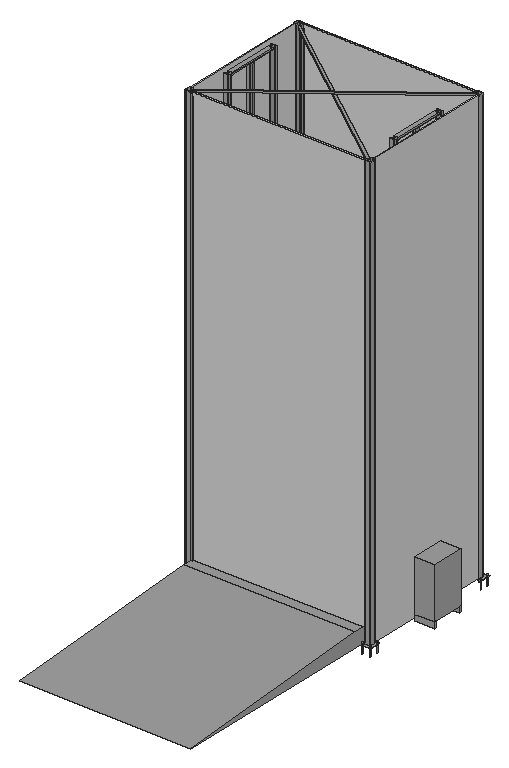
Revit family "1SE_Trez_TC_2C_T_2500_With_Ramp", category Specialty Equipment, Revit 2019
Family settings
  Round Connector Dimension = Use Diameter
  Part Type = Normal
  Work Plane-Based = No
  Always vertical = Yes
  Cut with Voids When Loaded = Yes
  Shared = No
  Room Calculation Point = No
Parameters (values of type "Platform-2300x2300mm with Door Height 2500mm")
  Safe Working Load = 2500.00 kg  # constant formula
  Safe Space = if(Cabin or Platform = Cabin, 900.0 mm, if(and(Cabin or Platform = Platform, Door Clear Height > 1900.0 mm), 600.0 mm, 0.0 mm))  # 600.0 mm
  Ramp Width = Tower Width - 250.0 mm  # 3000.0 mm
  Ramp Material = TREZ_Steel_Platform
  Platform = Speciality_Equipment_Trez_Platform : Platform
  Door Clear Width = Clear Width  # 2300.0 mm
  Door Clear Height = 2500.0 mm
  Clear Width = 2300.0 mm
  URL = "https://trez.bg/en/products/goods-only-lift-tc/tc-2ct-two-cylinders-and-tower/"
  Tower Width = Real Width + 2 * Clearance  # 3250.0 mm
  Tower Depth = Real Depth + 180.0 mm  # 2480.0 mm
  Tower Cladding Material = TREZ_Steel_Cladding
  Real Width = if(Clear Width < 1300.0 mm, 1300.0 mm, if(Clear Width > 2300.0 mm, 2300.0 mm, Clear Width))  # 2300.0 mm
  Real Depth = if(Clear Depth < 1300.0 mm, 1300.0 mm, if(Clear Depth > 2300.0 mm, 2300.0 mm, Clear Depth))  # 2300.0 mm
  Profiles Material = TREZ_Steel_Profiles
  Platform Material = TREZ_Steel_Platform
  Ramp Height = 250.0 mm  # constant formula
  Travel = 4500.0 mm
  Rail Height = Travel + Headroom  # 7600.0 mm
  Model = "TC 2C T 2500"
  Manufacturer = "TREZ Ltd."
  Headroom = Door Clear Height + Safe Space  # 3100.0 mm
  Description = "Trez Compact 2 Cylinders Tower. Goods only lift."  # constant formula
  Clear Depth = 2300.0 mm
  Created By URL = "https://all1studio.com/"
  Created By = "All 1 Studio Ltd."
  Clearance = 475.0 mm  # constant formula
  Cabin or Platform Back = yes
  Cabin or Platform = Speciality_Equipment_Trez_Platform : Platform
  Cabin = Speciality_Equipment_Trez_Cabin : Cabin
Reference planes
  plane 1 "Center (Front/Back)": y = 0
  plane 2: z = 0
  plane 3 "Center (Left/Right)": x = 0
  plane 4: x = -1150
  plane 5: x = 1150
  plane 6: y = 1150
  plane 7: y = -1150
  plane 8: x = 1625
  plane 9: y = 1260
  plane 10: x = -1625
  plane 11: y = -1220
  plane 12: x = 1570
  plane 13: x = -1570
  plane 14: y = 1205
  plane 15: y = -1165
  plane 16: z = 4500
  plane 17 "Top of Lift": z = 7600
  plane 18: x = -1578.5
  plane 19: x = 1578.5
  plane 20: x = 1835
  plane 21: x = -1609.032
  plane 22: x = -1591.032
  plane 23: y = 1244
  plane 24: y = 1226
  plane 25: x = 1609
  plane 26: x = 1591
  plane 27: y = -1204
  plane 28: y = -1186
  plane 29: x = -1685
  plane 30: y = 1320
  plane 31: x = 1685
  plane 32: y = -1280
  plane 33: x = -1438.5
  plane 34: x = 1438.5
  plane 35: z = 7540
  plane 36: z = 40
  plane 37: z = -145
  plane 38 "Ramp": z = 250
Forms (mm)
  Extrusion 1, solid, material "TREZ_Steel_Cladding" <- "Tower Cladding Material", detail levels coarse+medium
    sketch origin (0, 0, 0) x (1, 0, 0) y (0, 1, 0)
      loop
        line (-1625, 1260) -> (-1625, 1155) -> (-1609.032, 1155) -> (-1609.032, -1115) -> (-1625, -1115) -> (-1625, -1220) -> (-1520, -1220) -> (-1520, -1204) -> (1520, -1204) -> (1520, -1220) -> (1625, -1220) -> (1625, -1115) -> (1609, -1115) -> (1609, 1155) -> (1625, 1155) -> (1625, 1260) -> (1520, 1260) -> (1520, 1244) -> (-1520, 1244) -> (-1520, 1260) -> (-1625, 1260)
      loop
        line (-1570, 1205) -> (-1570, 1155) -> (-1591.032, 1155) -> (-1591.032, -1115) -> (-1570, -1115) -> (-1570, -1165) -> (-1520, -1165) -> (-1520, -1186) -> (1520, -1186) -> (1520, -1165) -> (1570, -1165) -> (1570, -1115) -> (1591, -1115) -> (1591, 1155) -> (1570, 1155) -> (1570, 1205) -> (1520, 1205) -> (1520, 1226) -> (-1520, 1226) -> (-1520, 1205) -> (-1570, 1205)
    from 0 to 7600
  Extrusion 2, solid, material "TREZ_Steel_Profiles" <- "Profiles Material", detail levels fine
    sketch origin (0, 0, 0) x (1, 0, 0) y (0, 1, 0)
      loop
        line (-1625, 1253) -> (-1625, 1162)
        arc (-1625, 1162) -> (-1622.95, 1157.05) -> (-1618, 1155) r 7
        line (-1618, 1155) -> (-1577, 1155)
        arc (-1577, 1155) -> (-1572.05, 1157.05) -> (-1570, 1162) r 7
        line (-1570, 1162) -> (-1570, 1198)
        arc (-1570, 1198) -> (-1567.95, 1202.95) -> (-1563, 1205) r 7
        line (-1563, 1205) -> (-1527, 1205)
        arc (-1527, 1205) -> (-1522.05, 1207.05) -> (-1520, 1212) r 7
        line (-1520, 1212) -> (-1520, 1253)
        arc (-1520, 1253) -> (-1522.05, 1257.95) -> (-1527, 1260) r 7
        line (-1527, 1260) -> (-1618, 1260)
        arc (-1618, 1260) -> (-1622.95, 1257.95) -> (-1625, 1253) r 7
      loop
        line (1618, 1260) -> (1527, 1260)
        arc (1527, 1260) -> (1522.05, 1257.95) -> (1520, 1253) r 7
        line (1520, 1253) -> (1520, 1212)
        arc (1520, 1212) -> (1522.05, 1207.05) -> (1527, 1205) r 7
        line (1527, 1205) -> (1563, 1205)
        arc (1563, 1205) -> (1567.95, 1202.95) -> (1570, 1198) r 7
        line (1570, 1198) -> (1570, 1162)
        arc (1570, 1162) -> (1572.05, 1157.05) -> (1577, 1155) r 7
        line (1577, 1155) -> (1618, 1155)
        arc (1618, 1155) -> (1622.95, 1157.05) -> (1625, 1162) r 7
        line (1625, 1162) -> (1625, 1253)
        arc (1625, 1253) -> (1622.95, 1257.95) -> (1618, 1260) r 7
      loop
        arc (-1625, -1213) -> (-1622.95, -1217.95) -> (-1618, -1220) r 7
        line (-1618, -1220) -> (-1527, -1220)
        arc (-1527, -1220) -> (-1522.05, -1217.95) -> (-1520, -1213) r 7
        line (-1520, -1213) -> (-1520, -1172)
        arc (-1520, -1172) -> (-1522.05, -1167.05) -> (-1527, -1165) r 7
        line (-1527, -1165) -> (-1563, -1165)
        arc (-1563, -1165) -> (-1567.95, -1162.95) -> (-1570, -1158) r 7
        line (-1570, -1158) -> (-1570, -1122)
        arc (-1570, -1122) -> (-1572.05, -1117.05) -> (-1577, -1115) r 7
        line (-1577, -1115) -> (-1618, -1115)
        arc (-1618, -1115) -> (-1622.95, -1117.05) -> (-1625, -1122) r 7
        line (-1625, -1122) -> (-1625, -1213)
      loop
        arc (1618, -1220) -> (1622.95, -1217.95) -> (1625, -1213) r 7
        line (1625, -1213) -> (1625, -1122)
        arc (1625, -1122) -> (1622.95, -1117.05) -> (1618, -1115) r 7
        line (1618, -1115) -> (1577, -1115)
        arc (1577, -1115) -> (1572.05, -1117.05) -> (1570, -1122) r 7
        line (1570, -1122) -> (1570, -1158)
        arc (1570, -1158) -> (1567.95, -1162.95) -> (1563, -1165) r 7
        line (1563, -1165) -> (1527, -1165)
        arc (1527, -1165) -> (1522.05, -1167.05) -> (1520, -1172) r 7
        line (1520, -1172) -> (1520, -1213)
        arc (1520, -1213) -> (1522.05, -1217.95) -> (1527, -1220) r 7
        line (1527, -1220) -> (1618, -1220)
      loop
        arc (-1523, 1253) -> (-1524.172, 1255.828) -> (-1527, 1257) r 4
        line (-1527, 1257) -> (-1618, 1257)
        arc (-1618, 1257) -> (-1620.828, 1255.828) -> (-1622, 1253) r 4
        line (-1622, 1253) -> (-1622, 1162)
        arc (-1622, 1162) -> (-1620.828, 1159.172) -> (-1618, 1158) r 4
        line (-1618, 1158) -> (-1577, 1158)
        arc (-1577, 1158) -> (-1574.172, 1159.172) -> (-1573, 1162) r 4
        line (-1573, 1162) -> (-1573, 1198)
        arc (-1573, 1198) -> (-1570.071, 1205.071) -> (-1563, 1208) r 10
        line (-1563, 1208) -> (-1527, 1208)
        arc (-1527, 1208) -> (-1524.172, 1209.172) -> (-1523, 1212) r 4
        line (-1523, 1212) -> (-1523, 1253)
      loop
        line (-1523, -1213) -> (-1523, -1172)
        arc (-1523, -1172) -> (-1524.172, -1169.172) -> (-1527, -1168) r 4
        line (-1527, -1168) -> (-1563, -1168)
        arc (-1563, -1168) -> (-1570.071, -1165.071) -> (-1573, -1158) r 10
        line (-1573, -1158) -> (-1573, -1122)
        arc (-1573, -1122) -> (-1574.172, -1119.172) -> (-1577, -1118) r 4
        line (-1577, -1118) -> (-1618, -1118)
        arc (-1618, -1118) -> (-1620.828, -1119.172) -> (-1622, -1122) r 4
        line (-1622, -1122) -> (-1622, -1213)
        arc (-1622, -1213) -> (-1620.828, -1215.828) -> (-1618, -1217) r 4
        line (-1618, -1217) -> (-1527, -1217)
        arc (-1527, -1217) -> (-1524.172, -1215.828) -> (-1523, -1213) r 4
      loop
        line (1622, -1213) -> (1622, -1122)
        arc (1622, -1122) -> (1620.828, -1119.172) -> (1618, -1118) r 4
        line (1618, -1118) -> (1577, -1118)
        arc (1577, -1118) -> (1574.172, -1119.172) -> (1573, -1122) r 4
        line (1573, -1122) -> (1573, -1158)
        arc (1573, -1158) -> (1570.071, -1165.071) -> (1563, -1168) r 10
        line (1563, -1168) -> (1527, -1168)
        arc (1527, -1168) -> (1524.172, -1169.172) -> (1523, -1172) r 4
        line (1523, -1172) -> (1523, -1213)
        arc (1523, -1213) -> (1524.172, -1215.828) -> (1527, -1217) r 4
        line (1527, -1217) -> (1618, -1217)
        arc (1618, -1217) -> (1620.828, -1215.828) -> (1622, -1213) r 4
      loop
        arc (1622, 1253) -> (1620.828, 1255.828) -> (1618, 1257) r 4
        line (1618, 1257) -> (1527, 1257)
        arc (1527, 1257) -> (1524.172, 1255.828) -> (1523, 1253) r 4
        line (1523, 1253) -> (1523, 1212)
        arc (1523, 1212) -> (1524.172, 1209.172) -> (1527, 1208) r 4
        line (1527, 1208) -> (1563, 1208)
        arc (1563, 1208) -> (1570.071, 1205.071) -> (1573, 1198) r 10
        line (1573, 1198) -> (1573, 1162)
        arc (1573, 1162) -> (1574.172, 1159.172) -> (1577, 1158) r 4
        line (1577, 1158) -> (1618, 1158)
        arc (1618, 1158) -> (1620.828, 1159.172) -> (1622, 1162) r 4
        line (1622, 1162) -> (1622, 1253)
    from 5 to 7600
  Extrusion 3, solid, material "TREZ_Steel_Cladding" <- "Tower Cladding Material", detail levels fine
    sketch origin (0, 0, 0) x (1, 0, 0) y (0, 1, 0)
      loop
        line (1609, 1155) -> (1591, 1155) -> (1591, -1115) -> (1609, -1115) -> (1609, 1155)
      loop
        line (1520, 1244) -> (-1520, 1244) -> (-1520, 1226) -> (1520, 1226) -> (1520, 1244)
      loop
        line (1520, -1186) -> (-1520, -1186) -> (-1520, -1204) -> (1520, -1204) -> (1520, -1186)
      loop
        line (-1591.032, -1115) -> (-1591.032, 1155) -> (-1609.032, 1155) -> (-1609.032, -1115) -> (-1591.032, -1115)
    from 0 to 7600
  Extrusion 4, solid, material "TREZ_Steel_Profiles" <- "Profiles Material", detail levels fine
    sketch origin (0, 0, 0) x (1, 0, 0) y (0, 1, 0)
      loop
        arc (1507, 1320) -> (1502.05, 1317.95) -> (1500, 1313) r 7
        line (1500, 1313) -> (1500, 1260) -> (1520, 1260) -> (1520, 1205) -> (1570, 1205) -> (1570, 1155) -> (1625, 1155) -> (1625, 1135) -> (1678, 1135)
        arc (1678, 1135) -> (1682.95, 1137.05) -> (1685, 1142) r 7
        line (1685, 1142) -> (1685, 1313)
        arc (1685, 1313) -> (1682.95, 1317.95) -> (1678, 1320) r 7
        line (1678, 1320) -> (1507, 1320)
      loop
        line (-1507, 1320) -> (-1678, 1320)
        arc (-1678, 1320) -> (-1682.95, 1317.95) -> (-1685, 1313) r 7
        line (-1685, 1313) -> (-1685, 1142)
        arc (-1685, 1142) -> (-1682.95, 1137.05) -> (-1678, 1135) r 7
        line (-1678, 1135) -> (-1625, 1135) -> (-1625, 1155) -> (-1570, 1155) -> (-1570, 1205) -> (-1520, 1205) -> (-1520, 1260) -> (-1500, 1260) -> (-1500, 1313)
        arc (-1500, 1313) -> (-1502.05, 1317.95) -> (-1507, 1320) r 7
      loop
        line (1507, -1280) -> (1678, -1280)
        arc (1678, -1280) -> (1682.95, -1277.95) -> (1685, -1273) r 7
        line (1685, -1273) -> (1685, -1102)
        arc (1685, -1102) -> (1682.95, -1097.05) -> (1678, -1095) r 7
        line (1678, -1095) -> (1625, -1095) -> (1625, -1115) -> (1570, -1115) -> (1570, -1165) -> (1520, -1165) -> (1520, -1220) -> (1500, -1220) -> (1500, -1273)
        arc (1500, -1273) -> (1502.05, -1277.95) -> (1507, -1280) r 7
      loop
        arc (-1507, -1280) -> (-1502.05, -1277.95) -> (-1500, -1273) r 7
        line (-1500, -1273) -> (-1500, -1220) -> (-1520, -1220) -> (-1520, -1165) -> (-1570, -1165) -> (-1570, -1115) -> (-1625, -1115) -> (-1625, -1095) -> (-1678, -1095)
        arc (-1678, -1095) -> (-1682.95, -1097.05) -> (-1685, -1102) r 7
        line (-1685, -1102) -> (-1685, -1273)
        arc (-1685, -1273) -> (-1682.95, -1277.95) -> (-1678, -1280) r 7
        line (-1678, -1280) -> (-1507, -1280)
    from 5 to 0
  Sweep 5, solid, material "TREZ_Steel_Profiles" <- "Profiles Material", detail levels fine
    path origin (0, 0, 7600) x (-1, 0, 0) y (0, -1, 0)
      loop
        line (1570, 1165) -> (-1570, -1205)
    profile origin (0, 20, 7600) x (-0.602437, 0.798166, 0) y (0, 0, 1)
      loop
        line (15, 0) -> (-15, 0) -> (-15, -30) -> (15, -30) -> (15, 0)
  Sweep 6, solid, material "TREZ_Steel_Profiles" <- "Profiles Material", detail levels fine
    path origin (0, 0, 7600) x (-1, 0, 0) y (0, -1, 0)
      loop
        line (1570, -1205) -> (-1570, 1165)
    profile origin (0, 20, 7600) x (0.602437, 0.798166, 0) y (0, 0, 1)
      loop
        line (-15, -60) -> (15, -60) -> (15, -30) -> (-15, -30) -> (-15, -60)
  Extrusion 7, void
    sketch origin (0, 0, 7600) x (-1, 0, 0) y (0, -1, 0)
      loop
        arc (1577, -1155) -> (1572.05, -1157.05) -> (1570, -1162) r 7
        line (1570, -1162) -> (1570, -1198)
        arc (1570, -1198) -> (1567.95, -1202.95) -> (1563, -1205) r 7
        line (1563, -1205) -> (1527, -1205)
        arc (1527, -1205) -> (1522.05, -1207.05) -> (1520, -1212) r 7
        line (1520, -1212) -> (1520, -1253)
        arc (1520, -1253) -> (1522.05, -1257.95) -> (1527, -1260) r 7
        line (1527, -1260) -> (1618, -1260)
        arc (1618, -1260) -> (1622.95, -1257.95) -> (1625, -1253) r 7
        line (1625, -1253) -> (1625, -1162)
        arc (1625, -1162) -> (1622.95, -1157.05) -> (1618, -1155) r 7
        line (1618, -1155) -> (1577, -1155)
      loop
        arc (-1520, -1212) -> (-1522.05, -1207.05) -> (-1527, -1205) r 7
        line (-1527, -1205) -> (-1563, -1205)
        arc (-1563, -1205) -> (-1567.95, -1202.95) -> (-1570, -1198) r 7
        line (-1570, -1198) -> (-1570, -1162)
        arc (-1570, -1162) -> (-1572.05, -1157.05) -> (-1577, -1155) r 7
        line (-1577, -1155) -> (-1618, -1155)
        arc (-1618, -1155) -> (-1622.95, -1157.05) -> (-1625, -1162) r 7
        line (-1625, -1162) -> (-1625, -1253)
        arc (-1625, -1253) -> (-1622.95, -1257.95) -> (-1618, -1260) r 7
        line (-1618, -1260) -> (-1527, -1260)
        arc (-1527, -1260) -> (-1522.05, -1257.95) -> (-1520, -1253) r 7
        line (-1520, -1253) -> (-1520, -1212)
      loop
        arc (-1577, 1115) -> (-1572.05, 1117.05) -> (-1570, 1122) r 7
        line (-1570, 1122) -> (-1570, 1158)
        arc (-1570, 1158) -> (-1567.95, 1162.95) -> (-1563, 1165) r 7
        line (-1563, 1165) -> (-1527, 1165)
        arc (-1527, 1165) -> (-1522.05, 1167.05) -> (-1520, 1172) r 7
        line (-1520, 1172) -> (-1520, 1213)
        arc (-1520, 1213) -> (-1522.05, 1217.95) -> (-1527, 1220) r 7
        line (-1527, 1220) -> (-1618, 1220)
        arc (-1618, 1220) -> (-1622.95, 1217.95) -> (-1625, 1213) r 7
        line (-1625, 1213) -> (-1625, 1122)
        arc (-1625, 1122) -> (-1622.95, 1117.05) -> (-1618, 1115) r 7
        line (-1618, 1115) -> (-1577, 1115)
      loop
        arc (1570, 1122) -> (1572.05, 1117.05) -> (1577, 1115) r 7
        line (1577, 1115) -> (1618, 1115)
        arc (1618, 1115) -> (1622.95, 1117.05) -> (1625, 1122) r 7
        line (1625, 1122) -> (1625, 1213)
        arc (1625, 1213) -> (1622.95, 1217.95) -> (1618, 1220) r 7
        line (1618, 1220) -> (1527, 1220)
        arc (1527, 1220) -> (1522.05, 1217.95) -> (1520, 1213) r 7
        line (1520, 1213) -> (1520, 1172)
        arc (1520, 1172) -> (1522.05, 1167.05) -> (1527, 1165) r 7
        line (1527, 1165) -> (1563, 1165)
        arc (1563, 1165) -> (1567.95, 1162.95) -> (1570, 1158) r 7
        line (1570, 1158) -> (1570, 1122)
    from -60 to 0
  Extrusion 8, solid, material "TREZ_Steel_Profiles" <- "Profiles Material", detail levels fine
    sketch origin (0, 0, 0) x (1, 0, 0) y (0, 1, 0)
      loop
        circle (-1660.697, 1304.303) r 6
      loop
        circle (-1515.697, 1304.303) r 6
      loop
        circle (-1660.697, 1159.303) r 6
      loop
        circle (1660.697, 1304.303) r 6
      loop
        circle (1515.697, 1304.303) r 6
      loop
        circle (1660.697, 1159.303) r 6
      loop
        circle (-1660.697, -1264.303) r 6
      loop
        circle (-1515.697, -1264.303) r 6
      loop
        circle (-1660.697, -1119.303) r 6
      loop
        circle (1660.697, -1264.303) r 6
      loop
        circle (1515.697, -1264.303) r 6
      loop
        circle (1660.697, -1119.303) r 6
    from -145 to 40
Cuts and joins
  Extrusion 7 cuts Sweep 5
  Extrusion 7 cuts Sweep 6
  joined: Extrusion 4, Extrusion 8
Lines and regions (mm)
  symbolic lines, style "Profiles"
    curve 1: line (-1625, 1260, 0) -> (-1520, 1260, 0)
    curve 2: line (-1520, 1260, 0) -> (-1520, 1205, 0)
    curve 3: line (-1520, 1205, 0) -> (-1570, 1205, 0)
    curve 4: line (-1570, 1205, 0) -> (-1570, 1155, 0)
    curve 5: line (-1570, 1155, 0) -> (-1625, 1155, 0)
    curve 6: line (-1625, 1155, 0) -> (-1625, 1260, 0)
    curve 7: line (1520, 1260, 0) -> (1625, 1260, 0)
    curve 8: line (1625, 1260, 0) -> (1625, 1155, 0)
    curve 9: line (1625, 1155, 0) -> (1570, 1155, 0)
    curve 10: line (1570, 1155, 0) -> (1570, 1205, 0)
    curve 11: line (1570, 1205, 0) -> (1520, 1205, 0)
    curve 12: line (1520, 1205, 0) -> (1520, 1260, 0)
    curve 13: line (-1625, -1115, 0) -> (-1570, -1115, 0)
    curve 14: line (-1570, -1115, 0) -> (-1570, -1165, 0)
    curve 15: line (-1570, -1165, 0) -> (-1520, -1165, 0)
    curve 16: line (-1520, -1165, 0) -> (-1520, -1220, 0)
    curve 17: line (-1520, -1220, 0) -> (-1625, -1220, 0)
    curve 18: line (-1625, -1220, 0) -> (-1625, -1115, 0)
    curve 19: line (1520, -1165, 0) -> (1570, -1165, 0)
    curve 20: line (1570, -1165, 0) -> (1570, -1115, 0)
    curve 21: line (1570, -1115, 0) -> (1625, -1115, 0)
    curve 22: line (1625, -1115, 0) -> (1625, -1220, 0)
    curve 23: line (1625, -1220, 0) -> (1520, -1220, 0)
    curve 24: line (1520, -1165, 0) -> (1520, -1220, 0)
    curve 25: line (1609, 1155, 0) -> (1591, 1155, 0)
    curve 26: line (1609, -1115, 0) -> (1609, 1155, 0)
    curve 27: line (1591, -1115, 0) -> (1609, -1115, 0)
    curve 28: line (1591, 1155, 0) -> (1591, -1115, 0)
    curve 29: line (1520, -1186, 0) -> (-1520, -1186, 0)
    curve 30: line (1520, -1204, 0) -> (1520, -1186, 0)
    curve 31: line (-1520, -1204, 0) -> (1520, -1204, 0)
    curve 32: line (-1520, -1186, 0) -> (-1520, -1204, 0)
    curve 33: line (-1591.032, -1115, 0) -> (-1609.032, -1115, 0)
    curve 34: line (-1591.032, 1155, 0) -> (-1591.032, -1115, 0)
    curve 35: line (-1609.032, 1155, 0) -> (-1591.032, 1155, 0)
    curve 36: line (-1609.032, -1115, 0) -> (-1609.032, 1155, 0)
    curve 37: line (-1520, 1226, 0) -> (1520, 1226, 0)
    curve 38: line (-1520, 1244, 0) -> (-1520, 1226, 0)
    curve 39: line (1520, 1244, 0) -> (-1520, 1244, 0)
    curve 40: line (1520, 1226, 0) -> (1520, 1244, 0)
  symbolic lines, style "Platform"
    curve 41: line (-1150, 1150, 0) -> (1150, 1150, 0)
    curve 42: line (-1150, -1150, 0) -> (-1150, 1150, 0)
    curve 43: line (1150, -1150, 0) -> (-1150, -1150, 0)
    curve 44: line (1150, 1150, 0) -> (1150, -1150, 0)
    curve 45: line (-1150, 1150, 0) -> (1150, -1150, 0)
    curve 46: line (1150, 1150, 0) -> (-1150, -1150, 0)
  model lines, style "Profiles", detail levels coarse+medium
    curve 47: line (-1570, 1205, 7600) -> (1570, -1165, 7600)
    curve 48: line (1570, 1205, 7600) -> (-1570, -1165, 7600)
Dimensions and locks
  equal spacing: plane 4, plane 3 "Center (Left/Right)", plane 5
  "Real Width": plane 4 to plane 5
  equal spacing: plane 7, plane 1 "Center (Front/Back)", plane 6
  "Real Depth": plane 7 to plane 6
  locked: plane 6 to plane 9 at 110
  locked: plane 7 to plane 11 at 70
  locked: plane 12 to plane 8 at 55
  locked: plane 10 to plane 13 at 55
  locked: plane 14 to plane 9 at 55
  locked: plane 15 to plane 11 at 55
  "Travel": plane 16 to level
  "Clearance": plane 5 to plane 8
  "Clearance": plane 10 to plane 4
  locked: plane 8 to plane 20 at 210
  locked: plane 10 to plane 18 at 46.5
  locked: plane 19 to plane 8 at 46.5
  plane 10 to plane 21 to plane 22 = 15.968 mm locked, 18.0 mm locked
  plane 24 to plane 23 to plane 9 = 18.0 mm locked, 16.0 mm locked
  plane 26 to plane 25 to plane 8 = 18.0 mm locked, 16.0 mm locked
  plane 28 to plane 27 to plane 11 = 18.0 mm locked, 16.0 mm locked
  locked: plane 29 to plane 10 at 60
  locked: plane 9 to plane 30 at 60
  locked: plane 8 to plane 31 at 60
  locked: plane 11 to plane 32 at 60
  locked: plane 10 to plane 33 at 186.5
  locked: plane 34 to plane 8 at 186.5
  "Headroom": plane 17 "Top of Lift" to plane 16
  locked: plane 17 "Top of Lift" to plane 35 at 60
  locked: plane 36 to level at 40
  locked: level to plane 37 at 145
  "Ramp Height": plane 38 "Ramp" to level
  aligned and locked: level to plane 2
  aligned and locked: plane 9 to Extrusion 1 sketch curve
  aligned and locked: plane 10 to Extrusion 1 sketch curve
  aligned and locked: plane 11 to Extrusion 1 sketch curve
  aligned and locked: plane 8 to Extrusion 1 sketch curve
  aligned and locked: plane 14 to Extrusion 1 sketch curve
  aligned and locked: plane 13 to Extrusion 1 sketch curve
  aligned and locked: plane 15 to Extrusion 1 sketch curve
  aligned and locked: plane 12 to Extrusion 1 sketch curve
  aligned and locked: plane 17 "Top of Lift" to Extrusion 1
  aligned and locked: plane 1 "Center (Front/Back)" to nested 1
  aligned and locked: plane 3 "Center (Left/Right)" to nested 1
  aligned and locked: nested 2 to plane 20
  aligned and locked: Extrusion 2 sketch curve to plane 10
  aligned and locked: Extrusion 2 sketch curve to plane 9  (x2)
  aligned and locked: Extrusion 2 sketch curve to plane 13
  aligned and locked: Extrusion 2 sketch curve to plane 14  (x2)
  aligned and locked: plane 8 to Extrusion 2 sketch curve
  aligned and locked: plane 17 "Top of Lift" to Extrusion 2
  aligned and locked: Extrusion 3 sketch curve to Extrusion 2  (x6)
  aligned and locked: Extrusion 3 sketch curve to plane 25
  aligned and locked: plane 26 to Extrusion 3 sketch curve
  aligned and locked: Extrusion 3 sketch curve to plane 23
  aligned and locked: plane 24 to Extrusion 3 sketch curve
  aligned and locked: plane 28 to Extrusion 3 sketch curve
  aligned and locked: Extrusion 3 sketch curve to plane 27
  aligned and locked: Extrusion 2 to Extrusion 3 sketch curve  (x2)
  aligned and locked: Extrusion 3 sketch curve to plane 22
  aligned and locked: plane 21 to Extrusion 3 sketch curve
  aligned and locked: plane 17 "Top of Lift" to Extrusion 3
  aligned and locked: plane 33 to nested 3
  aligned and locked: nested 4 to plane 34
  aligned and locked: plane 1 "Center (Front/Back)" to nested 3
  aligned and locked: nested 4 to plane 1 "Center (Front/Back)"
  aligned and locked: plane 14 to Sweep 5 sketch curve
  aligned and locked: plane 12 to Sweep 5 sketch curve
  aligned and locked: plane 13 to Sweep 5 sketch curve
  aligned and locked: plane 15 to Sweep 5 sketch curve
  aligned and locked: plane 12 to Sweep 6 sketch curve
  aligned and locked: plane 15 to Sweep 6 sketch curve
  aligned and locked: plane 14 to Sweep 6 sketch curve
  aligned and locked: plane 13 to Sweep 6 sketch curve
  aligned and locked: plane 35 to Extrusion 7
  aligned and locked: plane 17 "Top of Lift" to Extrusion 7
  aligned and locked: Extrusion 8 to plane 37
  aligned and locked: plane 36 to Extrusion 8
  aligned and locked: plane 16 to nested 1
  aligned and locked: level to nested 4
  aligned and locked: Extrusion 1 to nested 3
  aligned and locked: nested 5 to plane 3 "Center (Left/Right)"
  aligned and locked: plane 27 to nested 5
Automatic sketch dimensions
  Extrusion 1 sketch curve to plane 10 = 0.0 mm
  Extrusion 1 sketch curve to plane 21 = 0.0 mm
  Extrusion 1 sketch curve to plane 22 = 0.0 mm
  Extrusion 1 sketch curve to plane 13 = 0.0 mm
  Extrusion 1 sketch curve to plane 28 = 0.0 mm
  Extrusion 1 sketch curve to plane 15 = 0.0 mm
  Extrusion 1 sketch curve to plane 27 = 0.0 mm
  Extrusion 1 sketch curve to plane 11 = 0.0 mm
  plane 24 to Extrusion 1 sketch curve = 0.0 mm
  plane 23 to Extrusion 1 sketch curve = 0.0 mm
  plane 9 to Extrusion 1 sketch curve = 0.0 mm
  plane 14 to Extrusion 1 sketch curve = 0.0 mm
  Extrusion 1 sketch curve to plane 12 = 0.0 mm
  Extrusion 1 sketch curve to plane 26 = 0.0 mm
  Extrusion 1 sketch curve to plane 25 = 0.0 mm
  Extrusion 1 sketch curve to plane 8 = 0.0 mm
  plane 13 to Extrusion 1 sketch curve = 50.0 mm  (x2)
  Extrusion 1 sketch curve to Extrusion 1 sketch curve = 0.0 mm  (x5)
  plane 12 to Extrusion 1 sketch curve = 50.0 mm  (x2)
  plane 7 to Extrusion 1 sketch curve = 35.0 mm  (x3)
  Extrusion 1 sketch curve to plane 6 = 5.0 mm  (x4)
  Extrusion 2 sketch curve to Extrusion 2 sketch curve = 0.0 mm  (x48)
  Extrusion 2 sketch curve to plane 10 = 0.0 mm
  Extrusion 2 sketch curve to plane 11 = 0.0 mm  (x2)
  Extrusion 2 sketch curve to plane 13 = 0.0 mm
  Extrusion 2 sketch curve to plane 15 = 0.0 mm  (x2)
  Extrusion 2 sketch curve to plane 12 = 0.0 mm  (x2)
  Extrusion 2 sketch curve to plane 8 = 0.0 mm
  Extrusion 2 sketch curve to Extrusion 2 sketch curve = 3.0 mm  (x4)
  Extrusion 2 sketch curve to Extrusion 2 sketch curve = 4.0 mm  (x9)
  plane 10 to Extrusion 2 sketch curve = 7.0 mm
  plane 18 to Extrusion 2 sketch curve = 1.5 mm  (x2)
  plane 13 to Extrusion 2 sketch curve = 7.0 mm  (x2)
  Extrusion 2 sketch curve to plane 15 = 7.0 mm  (x2)
  Extrusion 2 sketch curve to Extrusion 2 sketch curve = 36.0 mm  (x2)
  Extrusion 2 sketch curve to plane 14 = 7.0 mm
  plane 9 to Extrusion 2 sketch curve = 7.0 mm
  plane 12 to Extrusion 2 sketch curve = 50.0 mm  (x2)
  Extrusion 2 sketch curve to Extrusion 2 sketch curve = 7.0 mm
  plane 12 to Extrusion 2 sketch curve = 7.0 mm
  plane 19 to Extrusion 2 sketch curve = 1.5 mm  (x2)
  plane 8 to Extrusion 2 sketch curve = 7.0 mm  (x2)
  Extrusion 2 sketch curve to plane 6 = 5.0 mm  (x2)
  plane 7 to Extrusion 2 sketch curve = 28.0 mm  (x2)
  Extrusion 4 sketch curve to plane 29 = 0.0 mm  (x2)
  plane 30 to Extrusion 4 sketch curve = 0.0 mm  (x2)
  Extrusion 4 sketch curve to plane 32 = 0.0 mm  (x2)
  Extrusion 4 sketch curve to plane 10 = 0.0 mm  (x2)
  Extrusion 4 sketch curve to plane 13 = 0.0 mm  (x2)
  plane 9 to Extrusion 4 sketch curve = 0.0 mm  (x2)
  Extrusion 4 sketch curve to plane 11 = 0.0 mm  (x2)
  Extrusion 4 sketch curve to plane 15 = 0.0 mm  (x2)
  plane 14 to Extrusion 4 sketch curve = 0.0 mm  (x2)
  Extrusion 4 sketch curve to plane 12 = 0.0 mm  (x2)
  Extrusion 4 sketch curve to plane 8 = 0.0 mm  (x2)
  Extrusion 4 sketch curve to plane 31 = 0.0 mm  (x2)
  plane 29 to Extrusion 4 sketch curve = 7.0 mm  (x4)
  plane 13 to Extrusion 4 sketch curve = 50.0 mm  (x2)
  Extrusion 4 sketch curve to Extrusion 4 sketch curve = 13.0 mm  (x2)
  plane 30 to Extrusion 4 sketch curve = 7.0 mm
  Extrusion 4 sketch curve to Extrusion 4 sketch curve = 20.0 mm  (x2)
  Extrusion 4 sketch curve to plane 34 = 61.5 mm  (x2)
  Extrusion 4 sketch curve to Extrusion 4 sketch curve = 7.0 mm  (x3)
  Extrusion 4 sketch curve to Extrusion 4 sketch curve = 50.0 mm
  plane 31 to Extrusion 4 sketch curve = 7.0 mm  (x3)
  plane 7 to Extrusion 4 sketch curve = 35.0 mm  (x2)
  plane 7 to Extrusion 4 sketch curve = 48.0 mm  (x2)
  plane 6 to Extrusion 4 sketch curve = 15.0 mm  (x2)
  Extrusion 4 sketch curve to plane 6 = 5.0 mm  (x2)
  profile plane to Sweep 5 sketch curve = 15.0 mm
  Sweep 5 sketch curve to Sweep 5 sketch curve = 30.0 mm
  Sweep 5 sketch curve to profile plane = 15.0 mm
  plane 17 "Top of Lift" to Sweep 5 sketch curve = 0.0 mm
  profile plane to Sweep 6 sketch curve = 15.0 mm
  Sweep 6 sketch curve to profile plane = 15.0 mm
  Sweep 6 sketch curve to plane 17 "Top of Lift" = 60.0 mm
  Sweep 6 sketch curve to Sweep 6 sketch curve = 30.0 mm
  plane 9 to Extrusion 7 sketch curve = 0.0 mm  (x2)
  plane 14 to Extrusion 7 sketch curve = 0.0 mm  (x2)
  Extrusion 7 sketch curve to plane 13 = 0.0 mm  (x2)
  Extrusion 7 sketch curve to plane 10 = 0.0 mm  (x2)
  Extrusion 7 sketch curve to Extrusion 7 sketch curve = 7.0 mm  (x9)
  plane 13 to Extrusion 7 sketch curve = 43.0 mm
  Extrusion 7 sketch curve to Extrusion 7 sketch curve = 36.0 mm  (x2)
  plane 18 to Extrusion 7 sketch curve = 1.5 mm  (x2)
  plane 10 to Extrusion 7 sketch curve = 7.0 mm
  Extrusion 7 sketch curve to plane 6 = 12.0 mm
  Extrusion 7 sketch curve to plane 8 = 0.0 mm  (x2)
  Extrusion 7 sketch curve to plane 12 = 0.0 mm  (x2)
  Extrusion 7 sketch curve to plane 6 = 5.0 mm
  plane 8 to Extrusion 7 sketch curve = 7.0 mm  (x3)
  plane 19 to Extrusion 7 sketch curve = 1.5 mm  (x2)
  Extrusion 7 sketch curve to plane 14 = 7.0 mm
  Extrusion 7 sketch curve to plane 11 = 0.0 mm  (x2)
  Extrusion 7 sketch curve to plane 15 = 0.0 mm  (x2)
  plane 12 to Extrusion 7 sketch curve = 7.0 mm
  plane 11 to Extrusion 7 sketch curve = 7.0 mm  (x2)
  plane 12 to Extrusion 7 sketch curve = 43.0 mm
  Extrusion 7 sketch curve to plane 15 = 7.0 mm
  plane 7 to Extrusion 7 sketch curve = 35.0 mm  (x2)
  plane 13 to Extrusion 7 sketch curve = 50.0 mm
  plane 13 to Extrusion 7 sketch curve = 7.0 mm
  curve 47 to plane 12 = 0.0 mm
  curve 48 to plane 12 = 0.0 mm
  curve 48 to plane 13 = 0.0 mm
  curve 47 to plane 13 = 0.0 mm
  plane 14 to curve 48 = 0.0 mm
  plane 14 to curve 47 = 0.0 mm
  curve 48 to plane 15 = 0.0 mm
  curve 47 to plane 15 = 0.0 mm
  plane 9 to curve 1 = 0.0 mm
  curve 1 to plane 10 = 0.0 mm
  curve 18 to plane 10 = 0.0 mm
  curve 36 to plane 21 = 0.0 mm
  curve 35 to plane 22 = 0.0 mm
  curve 4 to plane 13 = 0.0 mm
  curve 15 to plane 13 = 0.0 mm
  plane 24 to curve 37 = 0.0 mm
  curve 15 to plane 15 = 0.0 mm
  curve 16 to plane 11 = 0.0 mm
  plane 23 to curve 38 = 0.0 mm
  curve 32 to plane 27 = 0.0 mm
  curve 32 to plane 28 = 0.0 mm
  plane 14 to curve 2 = 0.0 mm
  curve 42 to plane 4 = 0.0 mm
  curve 44 to plane 5 = 0.0 mm
  curve 24 to plane 11 = 0.0 mm
  curve 24 to plane 15 = 0.0 mm
  plane 14 to curve 11 = 0.0 mm
  plane 9 to curve 7 = 0.0 mm
  curve 19 to plane 12 = 0.0 mm
  curve 11 to plane 12 = 0.0 mm
  curve 25 to plane 26 = 0.0 mm
  curve 27 to plane 25 = 0.0 mm
  curve 22 to plane 8 = 0.0 mm
  curve 9 to plane 8 = 0.0 mm
  curve 43 to plane 7 = 0.0 mm
  plane 6 to curve 44 = 0.0 mm
  plane 13 to curve 37 = 50.0 mm
  plane 13 to curve 15 = 50.0 mm
  curve 32 to curve 16 = 0.0 mm
  curve 2 to curve 37 = 0.0 mm
  plane 12 to curve 29 = 50.0 mm
  curve 24 to curve 30 = 0.0 mm
  plane 12 to curve 39 = 50.0 mm
  curve 11 to curve 37 = 0.0 mm
  plane 7 to curve 14 = 35.0 mm
  curve 33 to curve 13 = 0.0 mm
  plane 7 to curve 28 = 35.0 mm
  curve 20 to curve 27 = 0.0 mm
  curve 10 to plane 6 = 5.0 mm
  curve 28 to plane 6 = 5.0 mm
  curve 35 to plane 6 = 5.0 mm
  curve 6 to plane 6 = 5.0 mm
  plane 29 to Extrusion 8 sketch curve = 24.303 mm  (x4)
  Extrusion 8 sketch curve to plane 6 = 9.303 mm  (x2)
  plane 30 to Extrusion 8 sketch curve = 15.697 mm  (x4)
  plane 13 to Extrusion 8 sketch curve = 54.303 mm  (x2)
  plane 32 to Extrusion 8 sketch curve = 15.697 mm  (x4)
  plane 12 to Extrusion 8 sketch curve = 54.303 mm  (x2)
  plane 31 to Extrusion 8 sketch curve = 24.303 mm  (x4)
  plane 7 to Extrusion 8 sketch curve = 30.697 mm  (x2)
  radius of Extrusion 8 sketch curve = 6.0 mm  (x12)
Nested families
  nested 1: "Speciality_Equipment_Trez_Platform" at (0, 0, 4500), type <- "Cabin or Platform", type "Platform"
    with Width 2300.0 mm, Depth 2300.0 mm
  nested 2: "Electrical_Equpment_Trez_Cabinet" at (1835, 0, 0) x (0, 1, 0) z (0, 0, 1), type "Cabinet"
  nested 3: "Generic_Model_Trez_Rails" at (-1438.5, 0, 0), type "Rails"
    with Height 7600.0 mm
  nested 4: "Generic_Model_Trez_Rails" at (1438.5, 0, 0) x (-1, 0, 0) z (0, 0, 1), type "Rails"
    with Height 7600.0 mm
  nested 5: "Generic_Model_Trez_Ramp" at (0, -1304, 0), type "4 Degree Ramp"
    with Ramp Width 3000.0 mm, Ramp Length 3583.897 mm, Ramp Height 250.0 mm
Definition of nested family "Speciality_Equipment_Trez_Platform"
  Parameters (values of type "Speciality_Equipment_Trez_Platform")
    Width = 3600.0 mm
    Platform Material = none
    Depth = 2900.0 mm
    Back Board = yes
  Reference planes
    plane 1 "Center (Front/Back)": y = 0
    plane 2 "Bottom": z = 0
    plane 3 "Center (Left/Right)": x = 0
    plane 4: x = 1800
    plane 5: x = -1800
    plane 6: y = 1450
    plane 7: y = -1450
    plane 8: x = -1889
    plane 9: x = 1889
    plane 10: y = 1485
    plane 11: z = -89
    plane 12: z = 709
  Forms (mm)
    Extrusion 1, solid, material <- "Platform Material", visible <- "Back Board"
      sketch origin (0, 0, 0) x (1, 0, 0) y (0, 1, 0)
        loop
          line (-1889, 1485) -> (-1889, 1450) -> (1889, 1450) -> (1889, 1485) -> (-1889, 1485)
      from 0 to 709
    Extrusion 2, solid, material <- "Platform Material", detail levels coarse+medium
      sketch origin (0, 0, 0) x (1, 0, 0) y (0, 0, 1)
        loop
          line (-1800, 709) -> (-1889, 709) -> (-1889, -89) -> (1889, -89) -> (1889, 709) -> (1800, 709) -> (1800, 0) -> (-1800, 0) -> (-1800, 709)
      from -1450 to 1450
    Extrusion 3, solid, material <- "Platform Material", detail levels fine
      sketch origin (0, 0, 0) x (1, 0, 0) y (0, 0, 1)
        loop
          arc (-1874, 709) -> (-1884.607, 704.607) -> (-1889, 694) r 15
          line (-1889, 694) -> (-1889, -74)
          arc (-1889, -74) -> (-1884.607, -84.607) -> (-1874, -89) r 15
          line (-1874, -89) -> (1874, -89)
          arc (1874, -89) -> (1884.607, -84.607) -> (1889, -74) r 15
          line (1889, -74) -> (1889, 694)
          arc (1889, 694) -> (1884.607, 704.607) -> (1874, 709) r 15
          line (1874, 709) -> (1815, 709)
          arc (1815, 709) -> (1804.393, 704.607) -> (1800, 694) r 15
          line (1800, 694) -> (1800, 15)
          arc (1800, 15) -> (1795.607, 4.393) -> (1785, 0) r 15
          line (1785, 0) -> (-1785, 0)
          arc (-1785, 0) -> (-1795.607, 4.393) -> (-1800, 15) r 15
          line (-1800, 15) -> (-1800, 694)
          arc (-1800, 694) -> (-1804.393, 704.607) -> (-1815, 709) r 15
          line (-1815, 709) -> (-1874, 709)
      from -1450 to 1450
  Dimensions and locks
    equal spacing: plane 5, plane 3 "Center (Left/Right)", plane 4
    "Width": plane 5 to plane 4
    equal spacing: plane 7, plane 1 "Center (Front/Back)", plane 6
    "Depth": plane 6 to plane 7
    locked: plane 8 to plane 5 at 89
    locked: plane 4 to plane 9 at 89
    locked: plane 10 to plane 6 at 35
    locked: plane 2 "Bottom" to plane 11 at 89
    locked: plane 12 to plane 2 "Bottom" at 709
    aligned and locked: level to plane 2 "Bottom"
    aligned and locked: Extrusion 1 sketch curve to plane 10
    aligned and locked: plane 8 to Extrusion 1 sketch curve
    aligned and locked: plane 5 to Extrusion 2 sketch curve
    aligned and locked: plane 8 to Extrusion 2 sketch curve
    aligned and locked: Extrusion 2 sketch curve to plane 9
    aligned and locked: Extrusion 2 sketch curve to plane 4
    aligned and locked: Extrusion 2 sketch curve to plane 2 "Bottom"
    aligned and locked: Extrusion 2 sketch curve to plane 11
    aligned and locked: Extrusion 2 sketch curve to plane 12
    aligned and locked: Extrusion 2 to plane 6
    aligned and locked: Extrusion 2 to plane 7
    aligned and locked: Extrusion 3 sketch curve to plane 12
    aligned and locked: plane 8 to Extrusion 3 sketch curve
    aligned and locked: plane 5 to Extrusion 3 sketch curve
    aligned and locked: Extrusion 3 sketch curve to plane 4
    aligned and locked: Extrusion 3 sketch curve to plane 9
    aligned and locked: Extrusion 3 sketch curve to plane 2 "Bottom"
    aligned and locked: Extrusion 3 sketch curve to plane 11
    aligned and locked: Extrusion 3 to plane 7
    aligned and locked: Extrusion 3 to plane 6
  Automatic sketch dimensions
    plane 12 to Extrusion 2 sketch curve = 0.0 mm
    Extrusion 1 sketch curve to plane 6 = 0.0 mm
    Extrusion 1 sketch curve to plane 9 = 0.0 mm
    Extrusion 3 sketch curve to plane 12 = 0.0 mm
    Extrusion 3 sketch curve to Extrusion 3 sketch curve = 15.0 mm  (x4)
    plane 5 to Extrusion 3 sketch curve = 15.0 mm
    Extrusion 3 sketch curve to plane 4 = 15.0 mm
    plane 4 to Extrusion 3 sketch curve = 15.0 mm
    Extrusion 3 sketch curve to plane 9 = 15.0 mm
Definition of nested family "Electrical_Equpment_Trez_Cabinet"
  Parameters (values of type "Electrical_Equpment_Trez_Cabinet")
    Width = 584.0 mm
    Depth = 348.0 mm
    Cabinet Material = none
  Reference planes
    plane 1 "Center (Front/Back)": y = 0
    plane 2: z = 0
    plane 3 "Center (Left/Right)": x = 0
    plane 4: x = -292
    plane 5: x = 292
    plane 6: y = 174
    plane 7: y = -174
    plane 8: z = 100
    plane 9: z = 1000
    plane 10: x = -257
    plane 11: x = 257
  Forms (mm)
    Extrusion 1, solid, material <- "Cabinet Material", detail levels fine
      sketch origin (0, 0, 0) x (1, 0, 0) y (0, 1, 0)
        loop
          line (-292, 174) -> (-292, -174) -> (292, -174) -> (292, 174) -> (-292, 174)
      from 100 to 1000
    Extrusion 2, solid, material <- "Cabinet Material", detail levels fine
      sketch origin (0, 0, 0) x (1, 0, 0) y (0, 1, 0)
        loop
          line (-257, 174) -> (-292, 174) -> (-292, -174) -> (-257, -174) -> (-257, 174)
        loop
          line (257, 174) -> (257, -174) -> (292, -174) -> (292, 174) -> (257, 174)
      from 0 to 100
    Extrusion 3, solid, detail levels coarse+medium
      sketch origin (0, 0, 0) x (1, 0, 0) y (0, 1, 0)
        loop
          line (-292, 174) -> (-292, -174) -> (292, -174) -> (292, 174) -> (-292, 174)
      from 0 to 1000
  Lines and regions (mm)
    symbolic lines
      curve 1: line (-292, 174, 0) -> (292, 174, 0)
      curve 2: line (-292, -174, 0) -> (-292, 174, 0)
      curve 3: line (292, -174, 0) -> (-292, -174, 0)
      curve 4: line (292, 174, 0) -> (292, -174, 0)
  Dimensions and locks
    equal spacing: plane 4, plane 3 "Center (Left/Right)", plane 5
    "Width": plane 4 to plane 5
    equal spacing: plane 7, plane 1 "Center (Front/Back)", plane 6
    "Depth": plane 7 to plane 6
    plane 9 to plane 8 to plane 2 = 900.0 mm locked, 100.0 mm locked
    aligned and locked: level to plane 2
    aligned and locked: plane 6 to Extrusion 1 sketch curve
    aligned and locked: plane 4 to Extrusion 1 sketch curve
    aligned and locked: plane 7 to Extrusion 1 sketch curve
    aligned and locked: plane 5 to Extrusion 1 sketch curve
    aligned and locked: plane 9 to Extrusion 1
    aligned and locked: Extrusion 1 to plane 8
    aligned and locked: Extrusion 2 sketch curve to plane 6
    aligned and locked: plane 10 to Extrusion 2 sketch curve
    aligned and locked: Extrusion 2 sketch curve to Extrusion 1  (x4)
    aligned and locked: plane 6 to Extrusion 2 sketch curve
    aligned and locked: Extrusion 2 sketch curve to plane 11
    aligned and locked: plane 8 to Extrusion 2
    aligned and locked: Extrusion 2 to level
    aligned and locked: Extrusion 3 sketch curve to Extrusion 1  (x4)
    aligned and locked: Extrusion 3 to plane 2
    aligned and locked: plane 9 to Extrusion 3
    aligned and locked: curve 1 to Extrusion 1
    aligned and locked: curve 2 to Extrusion 1
    aligned and locked: curve 3 to Extrusion 1
    aligned and locked: curve 4 to Extrusion 1
Definition of nested family "Generic_Model_Trez_Rails"
  Parameters (values of type "Generic_Model_Trez_Rails")
    Profiles Material = none
    Height = 7100.0 mm
  Reference planes
    plane 1 "Center (Front/Back)": y = 0
    plane 2: z = 0
    plane 3 "Center (Left/Right)": x = 0
    plane 4: x = 87.2
    plane 5: x = -87.2
    plane 6: y = 607.5
    plane 7: y = -607.5
    plane 8: z = 7100
    plane 9: z = 15
    plane 10: z = 7065
    plane 11: z = -95
  Forms (mm)
    Extrusion 1, solid, material <- "Profiles Material", detail levels fine
      sketch origin (0, 0, 0) x (1, 0, 0) y (0, 1, 0)
        loop
          line (77.2, 607.5) -> (-77.2, 607.5)
          arc (-77.2, 607.5) -> (-84.271, 604.571) -> (-87.2, 597.5) r 10
          line (-87.2, 597.5) -> (-87.2, -597.5)
          arc (-87.2, -597.5) -> (-84.271, -604.571) -> (-77.2, -607.5) r 10
          line (-77.2, -607.5) -> (77.2, -607.5)
          arc (77.2, -607.5) -> (84.271, -604.571) -> (87.2, -597.5) r 10
          line (87.2, -597.5) -> (87.2, 597.5)
          arc (87.2, 597.5) -> (84.271, 604.571) -> (77.2, 607.5) r 10
      from 0 to 15
    Extrusion 2, solid, material <- "Profiles Material", detail levels fine
      sketch origin (0, 0, 0) x (1, 0, 0) y (0, 1, 0)
        loop
          line (-61.5, -517.5) -> (28.5, -517.5) -> (28.5, -509.5) -> (-3.5, -509.5)
          arc (-3.5, -509.5) -> (-7.036, -508.036) -> (-8.5, -504.5) r 5
          line (-8.5, -504.5) -> (-8.5, -442.5) -> (-24.5, -442.5) -> (-24.5, -504.5)
          arc (-24.5, -504.5) -> (-25.964, -508.036) -> (-29.5, -509.5) r 5
          line (-29.5, -509.5) -> (-61.5, -509.5) -> (-61.5, -517.5)
        loop
          line (-37.94, -40) -> (-1.94, -40)
          arc (-1.94, -40) -> (8.667, -35.607) -> (13.06, -25) r 15
          line (13.06, -25) -> (13.06, 25)
          arc (13.06, 25) -> (8.667, 35.607) -> (-1.94, 40) r 15
          line (-1.94, 40) -> (-37.94, 40) -> (-37.94, -40)
        loop
          line (-61.5, 517.5) -> (-61.5, 509.5) -> (-29.5, 509.5)
          arc (-29.5, 509.5) -> (-25.964, 508.036) -> (-24.5, 504.5) r 5
          line (-24.5, 504.5) -> (-24.5, 442.5) -> (-8.5, 442.5) -> (-8.5, 504.5)
          arc (-8.5, 504.5) -> (-7.036, 508.036) -> (-3.5, 509.5) r 5
          line (-3.5, 509.5) -> (28.5, 509.5) -> (28.5, 517.5) -> (-61.5, 517.5)
      from 15 to 7100
    Extrusion 3, solid, material <- "Profiles Material", detail levels fine
      sketch origin (0, 0, 0) x (1, 0, 0) y (0, 0, 1)
        loop
          line (-51.5, 7100) -> (-51.5, 7070)
          arc (-51.5, 7070) -> (-50.036, 7066.464) -> (-46.5, 7065) r 5
          line (-46.5, 7065) -> (13.5, 7065)
          arc (13.5, 7065) -> (17.036, 7066.464) -> (18.5, 7070) r 5
          line (18.5, 7070) -> (18.5, 7100) -> (-51.5, 7100)
      from -442.5 to 442.5
    Extrusion 4, solid, material <- "Profiles Material", detail levels coarse+medium
      sketch origin (0, 0, 0) x (1, 0, 0) y (0, 1, 0)
        loop
          line (87.2, 607.5) -> (-87.2, 607.5) -> (-87.2, -607.5) -> (87.2, -607.5) -> (87.2, 607.5)
      from 0 to 15
    Extrusion 5, solid, material <- "Profiles Material", detail levels coarse+medium
      sketch origin (0, 0, 0) x (1, 0, 0) y (0, 1, 0)
        loop
          line (-61.5, -517.5) -> (28.5, -517.5) -> (28.5, -442.5) -> (-61.5, -442.5) -> (-61.5, -517.5)
        loop
          line (-37.94, -40) -> (13.06, -40) -> (13.06, 40) -> (-37.94, 40) -> (-37.94, -40)
        loop
          line (-61.5, 517.5) -> (-61.5, 442.5) -> (28.5, 442.5) -> (28.5, 517.5) -> (-61.5, 517.5)
      from 15 to 7100
    Extrusion 6, solid, material <- "Profiles Material", detail levels coarse+medium
      sketch origin (0, 0, 0) x (1, 0, 0) y (0, 0, 1)
        loop
          line (-51.5, 7100) -> (-51.5, 7070)
          arc (-51.5, 7070) -> (-50.036, 7066.464) -> (-46.5, 7065) r 5
          line (-46.5, 7065) -> (13.5, 7065)
          arc (13.5, 7065) -> (17.036, 7066.464) -> (18.5, 7070) r 5
          line (18.5, 7070) -> (18.5, 7100) -> (-51.5, 7100)
      from -442.5 to 442.5
    Extrusion 7, solid, material <- "Profiles Material", detail levels fine
      sketch origin (0, 0, 0) x (1, 0, 0) y (0, 1, 0)
        loop
          circle (46.2, 480) r 7.5
        loop
          circle (-43.8, 480) r 7.5
        loop
          circle (-43.8, 390) r 7.5
        loop
          circle (46.2, -480) r 7.5
        loop
          circle (-43.8, -480) r 7.5
        loop
          circle (-43.8, -390) r 7.5
        loop
          circle (-43.8, -130) r 7.5
        loop
          circle (-43.8, 130) r 7.5
        loop
          circle (46.2, 0.052) r 7.5
      from -95 to 0
  Cuts and joins
    joined: Extrusion 2, Extrusion 3
    joined: Extrusion 5, Extrusion 6
  Lines and regions (mm)
    symbolic lines
      curve 1: line (28.5, 442.5, 0) -> (-61.5, 442.5, 0)
      curve 2: line (28.5, 517.5, 0) -> (28.5, 442.5, 0)
      curve 3: line (-61.5, 517.5, 0) -> (28.5, 517.5, 0)
      curve 4: line (-61.5, 442.5, 0) -> (-61.5, 517.5, 0)
      curve 5: line (13.06, 40, 0) -> (-37.94, 40, 0)
      curve 6: line (13.06, -40, 0) -> (13.06, 40, 0)
      curve 7: line (-37.94, -40, 0) -> (13.06, -40, 0)
      curve 8: line (-37.94, 40, 0) -> (-37.94, -40, 0)
      curve 9: line (28.5, -442.5, 0) -> (-61.5, -442.5, 0)
      curve 10: line (28.5, -517.5, 0) -> (28.5, -442.5, 0)
      curve 11: line (-61.5, -517.5, 0) -> (28.5, -517.5, 0)
      curve 12: line (-61.5, -442.5, 0) -> (-61.5, -517.5, 0)
      curve 13: line (87.2, -607.5, 0) -> (-87.2, -607.5, 0)
      curve 14: line (87.2, 607.5, 0) -> (87.2, -607.5, 0)
      curve 15: line (-87.2, 607.5, 0) -> (87.2, 607.5, 0)
      curve 16: line (-87.2, -607.5, 0) -> (-87.2, 607.5, 0)
  Dimensions and locks
    equal spacing: plane 5, plane 3 "Center (Left/Right)", plane 4
    plane 5 to plane 4 = 174.4 mm
    equal spacing: plane 6, plane 1 "Center (Front/Back)", plane 7
    plane 7 to plane 6 = 1215.0 mm
    "Height": plane 8 to plane 2
    locked: plane 9 to plane 2 at 15
    locked: plane 8 to Extrusion 3 sketch curve at 35
    locked: plane 8 to plane 10 at 35
    locked: plane 2 to plane 11 at 95
    aligned and locked: level to plane 2
    aligned and locked: Extrusion 1 sketch curve to plane 6
    aligned and locked: plane 4 to Extrusion 1 sketch curve
    aligned and locked: Extrusion 1 sketch curve to plane 7
    aligned and locked: plane 5 to Extrusion 1 sketch curve
    aligned and locked: plane 8 to Extrusion 2
    aligned and locked: Extrusion 1 to plane 9
    aligned and locked: plane 9 to Extrusion 2
    aligned and locked: Extrusion 4 sketch curve to plane 6
    aligned and locked: plane 4 to Extrusion 4 sketch curve
    aligned and locked: Extrusion 4 sketch curve to plane 7
    aligned and locked: plane 5 to Extrusion 4 sketch curve
    aligned and locked: Extrusion 4 to plane 9
    aligned and locked: Extrusion 4 to plane 2
    aligned and locked: plane 8 to Extrusion 5
    aligned and locked: plane 8 to Extrusion 3 sketch curve
    aligned and locked: Extrusion 3 to Extrusion 5  (x2)
    aligned and locked: Extrusion 7 to plane 11
    aligned and locked: plane 2 to Extrusion 7
  Automatic sketch dimensions
    Extrusion 2 sketch curve to plane 5 = 25.7 mm  (x2)
    Extrusion 2 sketch curve to plane 3 "Center (Left/Right)" = 29.5 mm  (x2)
    Extrusion 2 sketch curve to Extrusion 2 sketch curve = 5.0 mm
    Extrusion 2 sketch curve to plane 3 "Center (Left/Right)" = 24.5 mm
    Extrusion 2 sketch curve to plane 3 "Center (Left/Right)" = 8.5 mm  (x2)
    Extrusion 2 sketch curve to plane 3 "Center (Left/Right)" = 3.5 mm  (x2)
    Extrusion 2 sketch curve to plane 3 "Center (Left/Right)" = 1.94 mm  (x2)
    Extrusion 2 sketch curve to Extrusion 2 sketch curve = 15.0 mm
    plane 3 "Center (Left/Right)" to Extrusion 2 sketch curve = 28.5 mm  (x2)
    plane 7 to Extrusion 2 sketch curve = 90.0 mm
    Extrusion 2 sketch curve to Extrusion 2 sketch curve = 8.0 mm  (x3)
    Extrusion 2 sketch curve to Extrusion 2 sketch curve = 62.0 mm  (x2)
    Extrusion 2 sketch curve to plane 1 "Center (Front/Back)" = 25.0 mm
    plane 6 to Extrusion 2 sketch curve = 165.0 mm
    Extrusion 2 sketch curve to Extrusion 2 sketch curve = 0.0 mm
    Extrusion 2 sketch curve to plane 3 "Center (Left/Right)" = 37.94 mm
    plane 1 "Center (Front/Back)" to Extrusion 2 sketch curve = 40.0 mm
    Extrusion 3 sketch curve to Extrusion 3 sketch curve = 5.0 mm  (x2)
    plane 3 "Center (Left/Right)" to Extrusion 3 sketch curve = 13.5 mm
    Extrusion 3 sketch curve to plane 5 = 40.7 mm
    Extrusion 1 sketch curve to plane 5 = 10.0 mm
    Extrusion 1 sketch curve to Extrusion 1 sketch curve = 10.0 mm
    Extrusion 1 sketch curve to plane 4 = 10.0 mm  (x2)
    Extrusion 5 sketch curve to plane 5 = 25.7 mm  (x2)
    Extrusion 5 sketch curve to plane 3 "Center (Left/Right)" = 37.94 mm
    plane 3 "Center (Left/Right)" to Extrusion 5 sketch curve = 28.5 mm  (x2)
    plane 3 "Center (Left/Right)" to Extrusion 5 sketch curve = 13.06 mm
    plane 7 to Extrusion 5 sketch curve = 90.0 mm
    plane 1 "Center (Front/Back)" to Extrusion 5 sketch curve = 40.0 mm
    plane 6 to Extrusion 5 sketch curve = 165.0 mm
    Extrusion 5 sketch curve to Extrusion 5 sketch curve = 75.0 mm  (x2)
    Extrusion 5 sketch curve to plane 1 "Center (Front/Back)" = 40.0 mm
    Extrusion 6 sketch curve to plane 8 = 0.0 mm
    Extrusion 6 sketch curve to plane 10 = 0.0 mm
    plane 10 to Extrusion 6 sketch curve = 5.0 mm  (x2)
    Extrusion 6 sketch curve to plane 5 = 35.7 mm
    plane 3 "Center (Left/Right)" to Extrusion 6 sketch curve = 13.5 mm
    curve 16 to plane 5 = 0.0 mm
    curve 15 to plane 4 = 0.0 mm
    curve 13 to plane 7 = 0.0 mm
    plane 6 to curve 15 = 0.0 mm
    curve 3 to plane 5 = 25.7 mm
    curve 12 to plane 5 = 25.7 mm
    curve 5 to plane 3 "Center (Left/Right)" = 37.94 mm
    plane 3 "Center (Left/Right)" to curve 5 = 13.06 mm
    plane 3 "Center (Left/Right)" to curve 11 = 28.5 mm
    plane 3 "Center (Left/Right)" to curve 2 = 28.5 mm
    plane 7 to curve 11 = 90.0 mm
    curve 10 to curve 10 = 75.0 mm
    plane 1 "Center (Front/Back)" to curve 7 = 40.0 mm
    curve 5 to plane 1 "Center (Front/Back)" = 40.0 mm
    plane 6 to curve 2 = 165.0 mm
    curve 1 to curve 3 = 75.0 mm
    Extrusion 7 sketch curve to plane 5 = 43.4 mm  (x6)
    Extrusion 7 sketch curve to plane 4 = 41.0 mm  (x3)
    plane 7 to Extrusion 7 sketch curve = 127.5 mm
    Extrusion 7 sketch curve to Extrusion 7 sketch curve = 0.0 mm  (x2)
    Extrusion 7 sketch curve to Extrusion 7 sketch curve = 90.0 mm  (x2)
    plane 6 to Extrusion 7 sketch curve = 217.5 mm
    Extrusion 7 sketch curve to plane 1 "Center (Front/Back)" = 0.052 mm
    plane 1 "Center (Front/Back)" to Extrusion 7 sketch curve = 130.0 mm
    Extrusion 7 sketch curve to plane 1 "Center (Front/Back)" = 130.0 mm
    radius of Extrusion 7 sketch curve = 7.5 mm  (x9)
Definition of nested family "Generic_Model_Trez_Ramp"
  Parameters (values of type "4 Degree Ramp")
    Ramp Width = 4080.0 mm
    Ramp Material = none
    Ramp Length = Ramp Height / sin(Ramp Angle)  # 1720.27 mm
    Ramp Height = 120.0 mm
    Ramp Angle = 4.00°
  Reference planes
    plane 1 "End Of Slope": y = -100
    plane 2: z = 0
    plane 3 "Center (Left/Right)": x = 0
    plane 4: x = -2040
    plane 5: x = 2040
    plane 6 "Back": y = 100
    plane 7 "Front": y = -1820.27
    plane 8: z = 120
  Forms (mm)
    Extrusion 1, solid, material <- "Ramp Material"
      sketch origin (0, 0, 0) x (0, 1, 0) y (0, 0, 1)
        loop
          line (100, 120) -> (-100, 120) -> (-1820.27, 0) -> (100, 0) -> (100, 120)
      from -2040 to 2040
  Dimensions and locks
    equal spacing: plane 4, plane 3 "Center (Left/Right)", plane 5
    "Ramp Width": plane 4 to plane 5
    locked: plane 1 "End Of Slope" to plane 6 "Back" at 200
    "Ramp Length": plane 7 "Front" to plane 1 "End Of Slope"
    "Ramp Height": plane 8 to plane 2
    aligned and locked: level to plane 2
    aligned and locked: Extrusion 1 to plane 5
    aligned and locked: Extrusion 1 to plane 4
  Automatic sketch dimensions
    Extrusion 1 sketch curve to plane 7 "Front" = 0.0 mm
    Extrusion 1 sketch curve to plane 1 "End Of Slope" = 0.0 mm
    Extrusion 1 sketch curve to level = 0.0 mm
    Extrusion 1 sketch curve to plane 6 "Back" = 0.0 mm
    Extrusion 1 sketch curve to plane 8 = 0.0 mm
